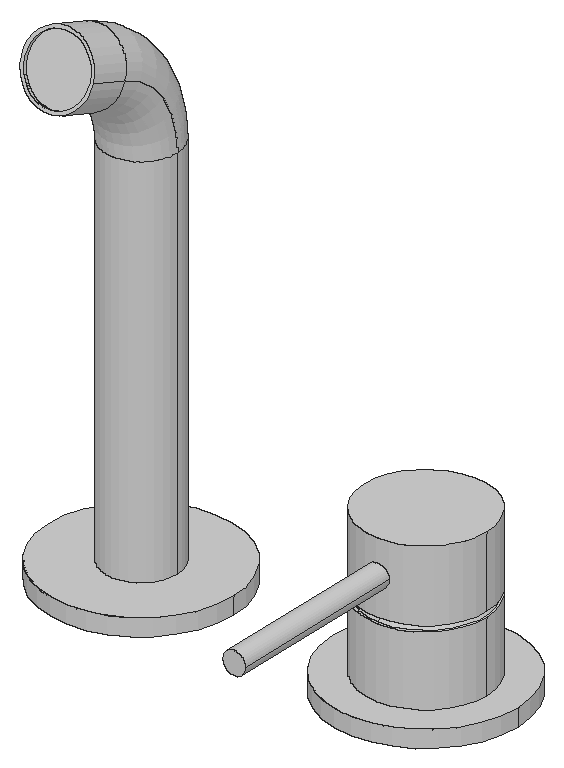
Revit family "Liano II - 175mm Wall basin-bath mixer - 2x Round Cover Plates", category Specialty Equipment, host Face, Revit 2019
Family settings
  Host = Face
  Round Connector Dimension = Use Radius
  Part Type = Normal
  OmniClass Number = 23.45.55.17
  OmniClass Title = Mixing Faucets
  Cut with Voids When Loaded = No
  Shared = No
  Room Calculation Point = No
Parameters (values of type "Liano II - 175mm Wall basin/bath mixer - 2x Round Cover Plates - Chrome")
  URL = "https://www.caroma.com.au/"
  Model = "96344C6A"
  Material_Base = GWA_Metal-Chrome
  Manufacturer = "GWA Bathrooms & Kitchens"  # constant formula
  Keynote = ""
  Description = "Liano II - 175mm Wall basin/bath mixer - 2x Round Cover Plates - Chrome"
  Default Elevation = 1000 mm
  CreatedBy_ANZRS = "GWA Bathrooms & Kitchens"  # constant formula
  Assembly Code = "C1030220"
Types (6, lengths in mm): name | Model | Material_Base | Description
  (no name) | "96344C6A" | GWA_Metal-Chrome | "Liano II - 175mm Wall basin/bath mixer - 2x Round Cover Plates - Chrome"
  Liano II - 175mm Wall basin/bath mixer - 2x Round Cover Plates - Chrome | "96344C6A" | GWA_Metal-Chrome | "Liano II - 175mm Wall basin/bath mixer - 2x Round Cover Plates - Chrome"
  Liano II - 175mm Wall basin/bath mixer - 2x Round Cover Plates - Matte Black | "96344B6A" | GWA-Metal-Black | "Liano II - 175mm Wall basin/bath mixer - 2x Round Cover Plates - Matte Black"
  Liano II - 175mm Wall basin/bath mixer - 2x Round Cover Plates - Brass | "96344BB6A" | GWA_Metal-Brushed-Brass | "Liano II - 175mm Wall basin/bath mixer - 2x Round Cover Plates - Brass"
  Liano II - 175mm Wall basin/bath mixer - 2x Round Cover Plates - Gunmetal | "96344GM6A" | GWA-Metal-Gunmetal Grey | "Liano II - 175mm Wall basin/bath mixer - 2x Round Cover Plates - Gunmetal"
  Liano II - 175mm Wall basin/bath mixer - 2x Round Cover Plates - Brushed Nickel | "96344BN6A" | GWA_Metal-Brushed-Nickel | "Liano II - 175mm Wall basin/bath mixer - 2x Round Cover Plates - Brushed Nickel"
Reference planes
  plane 1 "Center (Front/Back)": y = 0
  plane 2: z = 0
  plane 3 "Center (Left/Right)": x = 0
Forms (mm)
  Extrusion 1, solid, material "GWA_Metal-Chrome" <- "Material_Base"
    sketch origin (0, 0, 0) x (1, 0, 0) y (0, 1, 0)
      loop
        circle (0, 0) r 32.5
    from 0 to 6
  Extrusion 2, solid, material "GWA_Metal-Chrome" <- "Material_Base"
    sketch origin (-100, 0, 0) x (1, 0, 0) y (0, 1, 0)
      loop
        circle (0, 0) r 32.5
    from 0 to 6
  Extrusion 3, solid, material "GWA_Metal-Chrome" <- "Material_Base"
    sketch origin (0, 0, 0) x (1, 0, 0) y (0, 1, 0)
      loop
        circle (0, 0) r 21.5
    from 6 to 30.5
  Extrusion 4, solid, material "GWA_Metal-Chrome" <- "Material_Base"
    sketch origin (0, 0, 0) x (1, 0, 0) y (0, 1, 0)
      loop
        circle (0, 0) r 21.5
    from 32.5 to 57.5
  Revolve 5, solid, material "GWA_Metal-Chrome" <- "Material_Base"
    sketch origin (0, 0, 0) x (0, 1, 0) y (0, 0, 1)
      loop
        line (0, 30.5) -> (20.6, 30.5)
        arc (20.6, 30.5) -> (18.521, 33.852) -> (15.9, 36.8) r 23
        line (15.9, 36.8) -> (0, 36.8) -> (0, 30.5)
      axis (0, 36.8) -> (0, 30.5)
    angle from 0 to 360
  Extrusion 6, solid, material "GWA_Metal-Chrome" <- "Material_Base"
    sketch origin (0, 0, 0) x (1, 0, 0) y (0, 0, 1)
      loop
        circle (0, 45.5) r 4
    from 0 to 84
  Sweep 7, solid, material "GWA_Metal-Chrome" <- "Material_Base"
    path origin (-100, 0, 0) x (0, 1, 0) y (0, 0, 1)
      loop
        line (0, 6) -> (0, 138.393)
        arc (0, 138.393) -> (-6.33, 158.468) -> (-23.029, 171.282) r 35
        line (-23.029, 171.282) -> (-36.648, 176.239)
    profile origin (-100, 0, 72.196) x (0, -1, 0) y (1, 0, 0)
      loop
        circle (0, 0) r 12.7
  Extrusion 8, void
    sketch origin (0, -89.003, 32.394) x (0, 0.34202, 0.939693) y (1, 0, 0)
      loop
        circle (153.076, -100) r 11.5
    from -1 to 1
Cuts and joins
  joined: Extrusion 4, Extrusion 6
  Extrusion 8 cuts Sweep 7
Lines and regions (mm)
  Masking region 1
    outline origin (0, 0, 0) x (1, 0, 0) y (0, 1, 0)
      loop
        arc (-87.3, -29.916) -> (-100, 32.5) -> (-112.7, -29.916) r 32.5
        line (-112.7, -29.916) -> (-112.7, -36.648)
        spline (-112.7, -36.648) -> (-112.267, -37.772) -> (-110.999, -38.82) -> (-108.98, -39.719) -> (-106.35, -40.41) -> (-103.287, -40.844) -> (-100, -40.992) -> (-96.713, -40.844) -> (-93.65, -40.41) -> (-91.02, -39.719) -> (-89.001, -38.82) -> (-87.733, -37.772) -> (-87.3, -36.648)
        line (-87.3, -36.648) -> (-87.3, -29.916)
      loop
        arc (4, -32.253) -> (0, 32.5) -> (-4, -32.253) r 32.5
        line (-4, -32.253) -> (-4, -84) -> (4, -84) -> (4, -32.253)
  Masking region 2
    outline origin (0, 0, 0) x (1, 0, 0) y (0, 0, 1)
      loop
        line (-112.7, 6) -> (-132.5, 6) -> (-132.5, 0) -> (-67.5, 0) -> (-67.5, 6) -> (-87.3, 6) -> (-87.3, 176.239)
        spline (-87.3, 176.239) -> (-87.733, 179.328) -> (-89.001, 182.206) -> (-91.02, 184.677) -> (-93.65, 186.574) -> (-96.713, 187.766) -> (-100, 188.173) -> (-103.287, 187.766) -> (-106.35, 186.574) -> (-108.98, 184.677) -> (-110.999, 182.206) -> (-112.267, 179.328) -> (-112.7, 176.239)
        line (-112.7, 176.239) -> (-112.7, 6)
      loop
        line (21.5, 6) -> (21.5, 30.5) -> (20.6, 30.5)
        arc (20.6, 30.5) -> (20.053, 31.514) -> (19.457, 32.5) r 23
        line (19.457, 32.5) -> (21.5, 32.5) -> (21.5, 57.5) -> (-21.5, 57.5) -> (-21.5, 32.5) -> (-19.457, 32.5)
        arc (-19.457, 32.5) -> (-20.053, 31.514) -> (-20.6, 30.5) r 23
        line (-20.6, 30.5) -> (-21.5, 30.5) -> (-21.5, 6) -> (-32.5, 6) -> (-32.5, 0) -> (32.5, 0) -> (32.5, 6) -> (21.5, 6)
  Masking region 3
    outline origin (-100, 0, 0) x (0, 1, 0) y (0, 0, 1)
      loop
        line (12.7, 57.5) -> (12.7, 138.393)
        arc (12.7, 138.393) -> (4.074, 165.752) -> (-18.686, 183.216) r 47.7
        line (-18.686, 183.216) -> (-32.304, 188.173) -> (-40.992, 164.305) -> (-27.373, 159.348)
        arc (-27.373, 159.348) -> (-16.733, 151.183) -> (-12.7, 138.393) r 22.3
        line (-12.7, 138.393) -> (-12.7, 57.5) -> (-21.5, 57.5) -> (-21.5, 49.5) -> (-84, 49.5) -> (-84, 41.5) -> (-21.5, 41.5) -> (-21.5, 32.5) -> (-19.457, 32.5)
        arc (-19.457, 32.5) -> (-20.053, 31.514) -> (-20.6, 30.5) r 23
        line (-20.6, 30.5) -> (-21.5, 30.5) -> (-21.5, 6) -> (-32.5, 6) -> (-32.5, 0) -> (32.5, 0) -> (32.5, 6) -> (21.5, 6) -> (21.5, 30.5) -> (20.6, 30.5)
        arc (20.6, 30.5) -> (20.053, 31.514) -> (19.457, 32.5) r 23
        line (19.457, 32.5) -> (21.5, 32.5) -> (21.5, 57.5) -> (12.7, 57.5)
  symbolic lines
    curve 1: arc (4, -32.253, 0) -> (0, 32.5, 0) -> (-4, -32.253, 0) r 32.5
    curve 2: circle (0, 0, 0) r 21.5 normal (0, 0, 1)
    curve 3: line (-4, -84, 0) -> (4, -84, 0)
    curve 4: line (4, -84, 0) -> (4, -21.125, 0)
    curve 5: line (-4, -84, 0) -> (-4, -21.125, 0)
    curve 6: arc (-87.3, -29.916, 0) -> (-100, 32.5, 0) -> (-112.7, -29.916, 0) r 32.5
    curve 7: spline (-112.7, -36.648, 0) -> (-112.267, -37.772, 0) -> (-110.999, -38.82, 0) -> (-108.98, -39.719, 0) -> (-106.35, -40.41, 0) -> (-103.287, -40.844, 0) -> (-100, -40.992, 0) -> (-96.713, -40.844, 0) -> (-93.65, -40.41, 0) -> (-91.02, -39.719, 0) -> (-89.001, -38.82, 0) -> (-87.733, -37.772, 0) -> (-87.3, -36.648, 0)
    curve 8: spline (-100, -32.715, 0) -> (-97.024, -32.849, 0) -> (-94.25, -33.242, 0) -> (-91.868, -33.867, 0) -> (-90.041, -34.681, 0) -> (-88.892, -35.63, 0) -> (-88.5, -36.648, 0) -> (-88.892, -37.666, 0) -> (-90.041, -38.615, 0) -> (-91.868, -39.429, 0) -> (-94.25, -40.054, 0) -> (-97.024, -40.447, 0) -> (-100, -40.581, 0)
    curve 9: spline (-111.418, -36.178, 0) -> (-110.756, -37.1, 0) -> (-109.469, -37.94, 0) -> (-107.631, -38.651, 0) -> (-105.348, -39.19, 0) -> (-102.754, -39.527, 0) -> (-100, -39.642, 0) -> (-97.246, -39.527, 0) -> (-94.652, -39.19, 0) -> (-92.369, -38.651, 0) -> (-90.531, -37.94, 0) -> (-89.244, -37.1, 0) -> (-88.582, -36.178, 0)
    curve 10: spline (-100, -40.581, 0) -> (-102.976, -40.447, 0) -> (-105.75, -40.054, 0) -> (-108.132, -39.429, 0) -> (-109.959, -38.615, 0) -> (-111.108, -37.666, 0) -> (-111.5, -36.648, 0) -> (-111.108, -35.63, 0) -> (-109.959, -34.681, 0) -> (-108.132, -33.867, 0) -> (-105.75, -33.242, 0) -> (-102.976, -32.849, 0) -> (-100, -32.715, 0)
    curve 11: spline (-87.3, -36.648, 0) -> (-87.733, -35.524, 0) -> (-89.001, -34.476, 0) -> (-91.02, -33.577, 0) -> (-93.65, -32.886, 0) -> (-96.713, -32.452, 0) -> (-100, -32.304, 0) -> (-103.287, -32.452, 0) -> (-106.35, -32.886, 0) -> (-108.98, -33.577, 0) -> (-110.999, -34.476, 0) -> (-112.267, -35.524, 0) -> (-112.7, -36.648, 0)
    curve 12: line (-112.7, -36.648, 0) -> (-112.7, 0, 0)
    curve 13: line (-87.3, 0, 0) -> (-87.3, -36.648, 0)
    curve 14: arc (-112.7, 0, 0) -> (-100, 12.7, 0) -> (-87.3, 0, 0) r 12.7
    curve 15: line (-67.5, 0, 6) -> (-132.5, 0, 6)
    curve 16: line (-67.5, 0, 0) -> (-67.5, 0, 6)
    curve 17: line (-132.5, 0, 0) -> (-67.5, 0, 0)
    curve 18: line (-132.5, 0, 6) -> (-132.5, 0, 0)
    curve 19: line (32.5, 0, 6) -> (-32.5, 0, 6)
    curve 20: line (32.5, 0, 0) -> (32.5, 0, 6)
    curve 21: line (-32.5, 0, 0) -> (32.5, 0, 0)
    curve 22: line (-32.5, 0, 6) -> (-32.5, 0, 0)
    curve 23: line (21.5, 0, 57.5) -> (-21.5, 0, 57.5)
    curve 24: line (21.5, 0, 32.5) -> (21.5, 0, 57.5)
    curve 25: line (-21.5, 0, 32.5) -> (21.5, 0, 32.5)
    curve 26: line (-21.5, 0, 57.5) -> (-21.5, 0, 32.5)
    curve 27: line (21.5, 0, 6) -> (21.5, 0, 30.5)
    curve 28: line (21.5, 0, 30.5) -> (-21.5, 0, 30.5)
    curve 29: line (-21.5, 0, 30.5) -> (-21.5, 0, 6)
    curve 30: line (-87.3, 0, 176.239) -> (-87.3, 0, 6)
    curve 31: line (-112.7, 0, 176.239) -> (-112.7, 0, 6)
    curve 32: spline (-87.3, 0, 176.239) -> (-87.733, 0, 179.328) -> (-89.001, 0, 182.206) -> (-91.02, 0, 184.677) -> (-93.65, 0, 186.574) -> (-96.713, 0, 187.766) -> (-100, 0, 188.173) -> (-103.287, 0, 187.766) -> (-106.35, 0, 186.574) -> (-108.98, 0, 184.677) -> (-110.999, 0, 182.206) -> (-112.267, 0, 179.328) -> (-112.7, 0, 176.239)
    curve 33: arc (-19.457, 0, 32.5) -> (-20.053, 0, 31.514) -> (-20.6, 0, 30.5) r 23
    curve 34: arc (19.457, 0, 32.5) -> (20.053, 0, 31.514) -> (20.6, 0, 30.5) r 23
    curve 35: line (-100, -18.686, 183.216) -> (-100, -32.304, 188.173)
    curve 36: line (-100, -27.373, 159.348) -> (-100, -40.992, 164.305)
    curve 37: arc (-100, -27.373, 159.348) -> (-100, -16.733, 151.183) -> (-100, -12.7, 138.393) r 22.3
    curve 38: arc (-100, -18.686, 183.216) -> (-100, 4.074, 165.752) -> (-100, 12.7, 138.393) r 47.7
    curve 39: line (-100, 12.7, 57.5) -> (-100, 12.7, 138.393)
    curve 40: line (-100, -12.7, 57.5) -> (-100, -12.7, 138.393)
    curve 41: line (-100, -32.304, 188.173) -> (-100, -40.992, 164.305)
    curve 42: line (-100, -32.5, 6) -> (-100, 32.5, 6)
    curve 43: line (-100, -32.5, 0) -> (-100, -32.5, 6)
    curve 44: line (-100, 32.5, 0) -> (-100, -32.5, 0)
    curve 45: line (-100, 32.5, 6) -> (-100, 32.5, 0)
    curve 46: line (-100, -21.5, 57.5) -> (-100, 21.5, 57.5)
    curve 47: line (-100, -21.5, 32.5) -> (-100, -21.5, 41.5)
    curve 48: line (-100, 21.5, 57.5) -> (-100, 21.5, 32.5)
    curve 49: line (-100, 21.5, 30.5) -> (-100, 21.5, 6)
    curve 50: line (-100, -21.5, 30.5) -> (-100, -21.5, 6)
    curve 51: line (-100, -84, 49.5) -> (-100, -21.5, 49.5)
    curve 52: line (-100, -84, 41.5) -> (-100, -84, 49.5)
    curve 53: line (-100, -21.5, 41.5) -> (-100, -84, 41.5)
    curve 54: arc (-100, -21.5, 49.5) -> (-100, -21.125, 45.5) -> (-100, -21.5, 41.5) r 21.5
    curve 55: arc (-100, 19.457, 32.5) -> (-100, 20.053, 31.514) -> (-100, 20.6, 30.5) r 23
    curve 56: arc (-100, -19.457, 32.5) -> (-100, -20.053, 31.514) -> (-100, -20.6, 30.5) r 23
    curve 57: line (-100, -21.5, 49.5) -> (-100, -21.5, 57.5)
    curve 58: line (-100, -21.5, 32.5) -> (-100, 21.5, 32.5)
    curve 59: line (-100, 21.5, 30.5) -> (-100, -21.5, 30.5)
Dimensions and locks
  aligned and locked: plane 2 to host face
  aligned and locked: level to host face
Connectors
  piping at (-10, 0, 0), diameter 20
    settings: index 1, connector inside diameter 609.6 mm, connector length 0 mm, flow factor 0, pipe flow 0.0 L/s, pressure drop 0.0 Pa, fitting loss kfactor 0, connector angle 0.00°, fixture units 0, engagement length 0 mm, angle of deflection 0.00°, flow configuration 3, flow direction 1, fitting loss method 0, system type 19, joint type 0, gender type 0, connector reference index -1, connector utility 0, adjustable connector no, is connector primary yes, connector description ""
  piping at (10, 0, 0), diameter 20
    settings: index 2, connector inside diameter 609.6 mm, connector length 0 mm, flow factor 0, pipe flow 0.0 L/s, pressure drop 0.0 Pa, fitting loss kfactor 0, connector angle 0.00°, fixture units 0, engagement length 0 mm, angle of deflection 0.00°, flow configuration 3, flow direction 1, fitting loss method 0, system type 20, joint type 0, gender type 0, connector reference index -1, connector utility 0, adjustable connector no, is connector primary no, connector description ""
